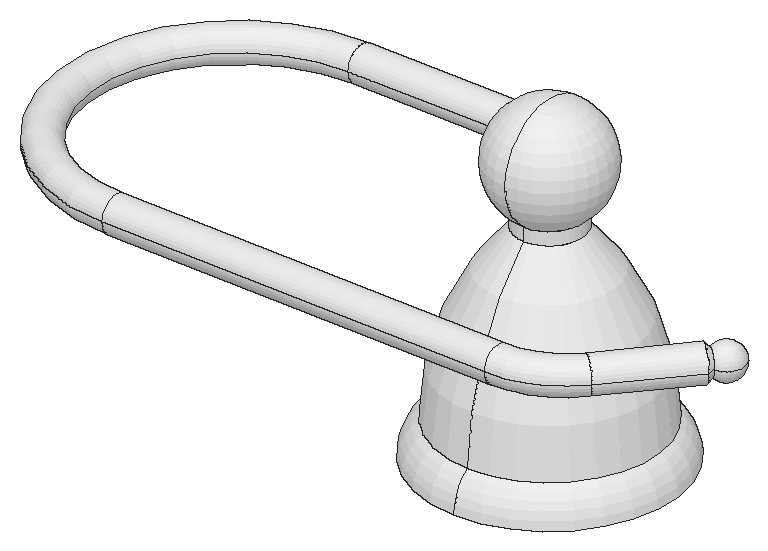
Revit family "Toilet Roll Holder-Single-Stylus Venecia", category Specialty Equipment, host Face, Revit 2013
Parameters (values of type "Standard")
  URL = "http://www.stylus.com.au/"
  Type Comments = "Stylus Venecia Toilet Roll Holder"  # constant formula
  ModifiedIssue_ANZRS = 2013.1  # constant formula
  Model = "631402C"  # constant formula
  Material_ANZRS = Metal-Chrome-Caroma
  Manufacturer = "GWA Bathrooms & Kitchens"  # constant formula
  Length_ANZRS = 167 mm  # constant formula
  Description = ""
  Default Elevation = 500 mm
  CreatedBy_ANZRS = "Design Content"  # constant formula
  CreatedByURL_ANZRS = "www.designcontent.com.au"
  Cost = 0
  Assembly Code = "C1030200"
Reference planes
  plane 1 "Center (Elevation)": y = 0
  plane 2 "Back": z = 0
  plane 3 "Center (Left/Right)": x = 0
  plane 4 "Top": y = 28
  plane 5 "Left": x = -84
  plane 6 "Right": x = 82.75
  plane 7 "Bottom": y = -76
  plane 8 "Front": z = 75
Forms (mm)
  Sweep 1, solid, material "Metal-Chrome-Caroma" <- "Material_ANZRS"
    path origin (0, 0, 28.021) x (1, 0, 0) y (0, 1, 0)
      loop
        line (0, 0) -> (-44, 0)
        arc (-44, 0) -> (-80, -36) -> (-44, -72) r 36
        line (-44, -72) -> (45.501, -72)
        arc (45.501, -72) -> (53.953, -70.126) -> (60.822, -64.856) r 20
        line (60.822, -64.856) -> (74.844, -48.145)
    profile origin (-22, 0, 28.021) x (0, -1, 0) y (0, 0, 1)
      loop
        circle (0, 38.979) r 4
  Revolve 2, solid, material "Metal-Chrome-Caroma" <- "Material_ANZRS"
    sketch origin (133.612, 10.017, 67.008) x (1, 0, 0) y (0, 1, 0)
      loop
        line (-58.768, -58.161) -> (-53.612, -52.017)
        arc (-53.612, -52.017) -> (-58.034, -51.54) -> (-60.154, -55.45) r 3.993
        line (-60.154, -55.45) -> (-61.812, -55.606) -> (-58.768, -58.161)
      axis (-58.768, -58.161) -> (-53.612, -52.017)
    angle from 0 to 360
  Revolve 3, solid, material "Metal-Chrome-Caroma" <- "Material_ANZRS"
    sketch origin (0, 0, 0) x (0, 1, 0) y (0, 0, 1)
      loop
        line (0, 0) -> (28, 0)
        arc (28, 0) -> (26.917, 4.47) -> (23.969, 8) r 10.123
        arc (23.969, 8) -> (19.705, 29.812) -> (7.495, 48.382) r 57.553
        line (7.495, 48.382) -> (7.495, 51.365)
        arc (7.495, 51.365) -> (12.398, 65.926) -> (0, 75) r 13.006
        line (0, 75) -> (0, 0)
      axis (0, 0) -> (0, 75)
    angle from 0 to 360
Cuts and joins
  joined: Sweep 1, Revolve 3
Lines and regions (mm)
  symbolic lines, style "PlumbingFixtures"
    curve 1: arc (0, 0, 63) -> (0, 4, 67) -> (0, 0, 71) r 4
Dimensions and locks
  aligned and locked: plane 2 "Back" to host face
  aligned and locked: level to host face
